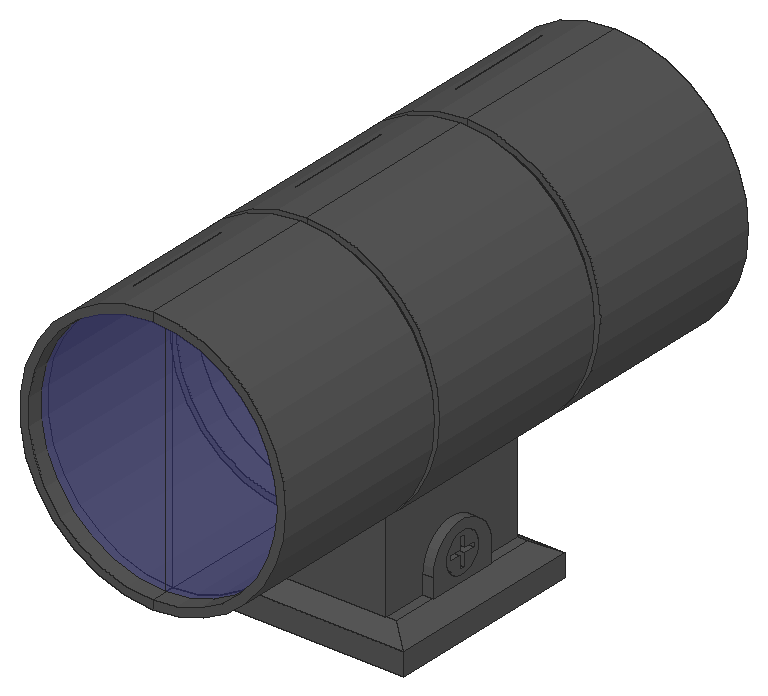
Revit family "CARLO CYLINDER LIGHT WALL MOUNT", category Lighting Fixtures, host Face, Revit 2020 (continued)
Types (10): name | Wattage_Input | Wattage Comments | Wattage | Photometric Web File | built-in parameter 1150142 | Model | built-in parameter 1150105 | Lumens | Light Length 1 | LIGHT RADIUS | LIGHT PLACEMENT | LIGHT LENGTH | LIGHT DIA | built-in parameter 1150106 | FIXED END HEIGHT | Curve base Height | Base Curve | BEAMING ANGLE | Apparent Load
    .3 2002.3 2008.5 \r\n 2013.2 \r\n2008.1 2015.2 2016 2015.5 2013.8 2011.6 2008.1 2003.2 1996 1985.9 \r\n 1973 1957.2 1939.2 1919.7 1898.1 1873.9 1847.1 1817.8 1784.8 1746.3 \r\n 1704.3 1660.3 1614.3 1566.7 1518.1 1469.1 1419.1 1367.5 1314.7 1260.8 \r\n 1206.4 1152.2 1097.4 1041.2 984.26 927.22 870.21 813.24 757.43 703.66 \r\n 652.71 605.38 562.41 525.05 492.53 464.65 440.89 420.86 404.03 389.88 \r\n 378.03 367.85 359.55 353.33 348.53 344.57 341.38 338.83 336.51 334.02 \r\n 331.2 327.59 323.73 320.21 316.42 311.63 306.88 303.13 299.91 297.07 \r\n 294.57 292.38 290.3 288.26 285.77 283.45 277.93 264.38 247.74 232.34 \r\n 215.09 193.65 170.16 145.6 121.07 97.966 76.456 56.623 40.147 29.203 \r\n 22.386 19.833 19.096 17.407 15.867 14.663 13.764 13.286 12.968 12.55 \r\n 12.145 11.783 11.444 11.124 10.8 10.441 10.069 9.6952 9.3212 8.9504 \r\n 8.5924 8.2621 7.9462 7.6422 7.3323 6.9849 6.6382 6.3311 6.0302 5.7106 \r\n 5.3868 5.0627 4.7453 4.4443 4.1555 3.8766 3.6117 3.3697 3.1347 2.8836 \r\n 2.6463 2.4575 2.2802 2.0772 1.8841 1.7348 1.5974 1.446 1.2975 1.1593 \r\n 1.0333 0.92606 0.8316 0.7441 0.66978 0.61611 0.57354 0.53452 0.50044 0.47034 \r\n 0.44373 0.41994 0.39857 0.38033 0.36175 0.33754 0.31386 0.29562 0.28128 0.27209 \r\n 0.26464 0.25513 0.24602 0.2389 0.2326 0.22676 0.2206 0.21213 0.20466 0.20937 \r\n 0.2006 0.14237 0.076707 0.037971 0.013198 0.0032018 0.0010175 0 0.000008 0 \r\n 0 0 0 0 0.00010853 0.0034945 0.009721 0.01701 0.032551 0.068861 \r\n 0.10819 0.13473 0.15513 0.16943 0.18165 0.19681 0.21202 0.2257 0.23894 0.25297 \r\n 0.26586 0.27494 0.28366 0.29552 0.30772 0.31752 0.32829 0.34283 0.36008 0.38036 \r\n 0.40239 0.42415 0.44828 0.47917 0.5155 0.55792 0.605 0.65259 0.70954 0.78562 \r\n 0.87374 0.96722 1.0746 1.2069 1.3502 1.4902 1.639 1.8057 1.9838 2.1703 \r\n 2.3632 2.5568 2.759 2.9791 3.2078 3.4338 3.6722 3.9427 4.22 4.4765 \r\n 4.7385 5.0307 5.3308 5.6199 5.9119 6.2151 6.5272 6.8552 7.1801 7.4764 \r\n 7.7704 8.0802 8.4045 8.7531 9.1113 9.4724 9.822 10.128 10.437 10.808 \r\n 11.18 11.484 11.801 12.176 12.637 13.219 13.942 14.827 15.908 17.211 \r\n 18.79 19.76 22.96 31.199 43.693 61.298 81.908 103.67 126.69 150.82 \r\n 174.98 198.3 220 239.14 255.31 267.76 276.62 280.94 283.19 285.71 \r\n 287.97 290.15 292.35 294.66 297.29 300.56 304.17 308.05 311.75 314.52 \r\n 317.14 320.08 323.52 328.25 332.88 335.78 338.52 342.12 346.56 352.02 \r\n 358.84 367.43 377.73 389.52 403.85 421.59 443.07 468.8 499.1 534.55 \r\n 574.92 620.56 670.3 723.05 778.88 837.94 898.94 961.07 1023.1 1083.6 \r\n 1142.5 1199.4 1254.5 1308.4 1360.1 1409 1455.5 1499.9 1542.1 1581.7 \r\n 1619.6 1657.2 1693.3 1727.2 1758.8 1787.8 1814.3 1838.4 1860.8 1882.4 \r\n 1902.3 1920.1 1936.1 1950.7 1963.7 1975.1 1985.3 1994.4 2002.2 2008.4 \r\n 2013.2 \r\n2008.1 2015.4 2016.3 2015.8 2014.3 2012.2 2008.9 2004.2 1997.4 1987.6 \r\n 1975 1959.2 1941.1 1921.7 1900.2 1876.1 1849.3 1819.9 1786.8 1748.4 \r\n 1706.6 1662.1 1615.8 1568.7 1520.8 1472.6 1423.4 1372.6 1320.4 1266.5 \r\n 1211.9 1157.6 1102.8 1046.4 989.35 932.29 875.21 817.93 761.66 707.23 \r\n 655.6 607.82 564.47 526.66 493.75 465.66 441.81 421.76 404.95 390.79 \r\n 378.91 368.67 360.29 354.04 349.18 345.09 341.75 339.11 336.66 333.86 \r\n 330.77 327.12 323.29 319.76 316.01 311.37 306.81 303.22 300.12 297.28 \r\n 294.74 292.53 290.44 288.47 286.06 283.84 278.28 264.23 247.26 232.5 \r\n 216.07 195.03 171.66 146.75 121.84 98.781 77.379 57.451 40.771 29.451 \r\n 22.3 19.72 19.053 17.399 15.884 14.666 13.747 13.275 12.968 12.557 \r\n 12.156 11.797 11.459 11.135 10.808 10.451 10.084 9.7178 9.3501 8.9763 \r\n 8.6131 8.2813 7.9637 7.6557 7.3413 6.9899 6.6405 6.3339 6.0346 5.7166 \r\n 5.3928 5.0633 4.7398 4.4366 4.1469 3.8676 3.6023 3.3586 3.1224 2.8732 \r\n 2.6384 2.45 2.2731 2.0724 1.8812 1.7311 1.5924 1.4409 1.292 1.152 \r\n 1.024 0.91547 0.81996 0.73141 0.65637 0.60266 0.56042 0.52217 0.48843 0.45875 \r\n 0.43256 0.40932 0.38853 0.37067 0.35231 0.32808 0.30436 0.28627 0.27228 0.26364 \r\n 0.25711 0.24952 0.24193 0.23434 0.22676 0.21917 0.21158 0.20339 0.19641 0.20019 \r\n 0.19095 0.13487 0.071526 0.032763 0.0079364 0 0 0 0 0 \r\n 0 0 0 0 0.00013805 0.0044716 0.012357 0.023111 0.040909 0.075035 \r\n 0.10948 0.12735 0.14055 0.15608 0.17162 0.18715 0.20269 0.21822 0.23376 0.24998 \r\n 0.26483 0.27509 0.28497 0.29873 0.313 0.32481 0.33715 0.35201 0.36937 0.39067 \r\n 0.41349 0.43462 0.45789 0.48913 0.52636 0.5703 0.61875 0.66652 0.72334 0.7997 \r\n 0.88814 0.98203 1.0894 1.2206 1.3623 1.5009 1.6476 1.81 1.985 2.1744 \r\n 2.37 2.5586 2.7558 2.9774 3.2091 3.4364 3.6753 3.944 4.2204 4.4828 \r\n 4.7488 5.032 5.3224 5.6132 5.9081 6.2063 6.5143 6.8478 7.1792 7.4763 \r\n 7.7692 8.0774 8.3996 8.7452 9.1016 9.4647 9.8183 10.132 10.445 10.803 \r\n 11.157 11.452 11.759 12.125 12.578 13.159 13.876 14.735 15.796 17.108 \r\n 18.703 19.672 22.88 31.198 43.713 61.125 81.466 102.86 125.72 150.55 \r\n 175.32 197.95 219.06 239.22 256.43 268.39 276.51 280.77 283.14 285.71 \r\n 288 290.2 292.39 294.65 297.19 300.34 303.82 307.63 311.32 314.13 \r\n 316.84 319.95 323.57 328.46 333.24 336.22 339.04 342.75 347.31 352.88 \r\n 359.82 368.54 378.96 390.75 405.05 422.78 444.22 469.82 499.97 535.32 \r\n 575.53 620.86 670.27 722.82 778.51 837.48 898.36 960.15 1021.8 1082.1 \r\n 1140.8 1197.4 1252.3 1306 1357.7 1406.4 1452.9 1497.6 1540.1 1579.9 \r\n 1618 1655.6 1691.8 1726.1 1758.2 1787.5 1814.3 1838.3 1860.6 1882.3 \r\n 1902.4 1920.1 1936 1950.7 1963.9 1975.5 1985.6 1994.6 2002.2 2008.4 \r\n 2013.2 \r\n2008.1 2015.4 2016.3 2015.8 2014.3 2012.4 2009.2 2004.2 1997 1987 \r\n 1974.2 1958.3 1940.1 1920.7 1899.1 1874.8 1847.6 1817.6 1784.1 1745.9 \r\n 1704.3 1659.9 1613.7 1566.9 1519.4 1471.5 1422.7 1372.2 1320.3 1266.7 \r\n 1212.3 1158.1 1103.1 1046.5 989.17 931.97 874.78 817.36 760.97 706.49 \r\n 654.84 607.04 563.74 526.18 493.59 465.81 442.19 422.21 405.37 391.13 \r\n 379.15 368.88 360.48 354.12 349.16 345.06 341.68 338.8 336.09 333.11 \r\n 329.95 326.41 322.78 319.43 315.86 311.36 306.9 303.33 300.21 297.38 \r\n 294.86 292.66 290.57 288.57 286.11 283.72 278.15 264.74 248.19 232.56 \r\n 215.06 193.61 170.19 145.7 121.26 98.238 76.74 56.704 39.996 28.957 \r\n 22.106 19.552 18.856 17.263 15.821 14.661 13.778 13.289 12.954 12.541 \r\n 12.144 11.79 11.455 11.127 10.796 10.446 10.087 9.7218 9.3535 8.9803 \r\n 8.6182 8.2896 7.974 7.6616 7.3422 6.9907 6.6425 6.3368 6.0375 5.7158 \r\n 5.3898 5.0675 4.7511 4.4441 4.1502 3.8766 3.6166 3.3672 3.1247 2.8776 \r\n 2.6457 2.4552 2.2754 2.0738 1.8822 1.7316 1.5917 1.4363 1.2849 1.1486 \r\n 1.0253 0.91741 0.8226 0.73879 0.66785 0.61306 0.56804 0.52705 0.49141 0.46085 \r\n 0.43438 0.41117 0.39051 0.37308 0.35546 0.33261 0.31005 0.29205 0.27734 0.26677 \r\n 0.25823 0.24971 0.24178 0.23435 0.22735 0.22086 0.21432 0.2065 0.19938 0.2023 \r\n 0.19199 0.13467 0.071199 0.036251 0.01458 0.0037512 0 0 0 0 \r\n 0 0 0 0 0.00011013 0.0035731 0.0098588 0.016786 0.032547 0.072239 \r\n 0.11296 0.13159 0.14391 0.15907 0.17391 0.1881 0.20225 0.21701 0.23187 0.24703 \r\n 0.26092 0.27081 0.28032 0.29303 0.30624 0.31743 0.32961 0.3452 0.36342 0.38501 \r\n 0.40793 0.42925 0.45253 0.48285 0.51884 0.56152 0.60877 0.65557 0.71173 0.78779 \r\n 0.87646 0.9717 1.0802 1.2104 1.3514 1.4923 1.6419 1.8062 1.9821 2.1709 \r\n 2.3657 2.5557 2.7543 2.9754 3.2062 3.433 3.6718 3.9419 4.2201 4.4842 \r\n 4.752 5.0373 5.3294 5.6205 5.9156 6.2164 6.5259 6.8552 7.1819 7.4781 \r\n 7.7719 8.0835 8.4085 8.752 9.1054 9.4677 9.821 10.134 10.446 10.795 \r\n 11.144 11.446 11.762 12.126 12.577 13.168 13.898 14.76 15.828 17.156 \r\n 18.799 19.851 23.247 32.032 44.967 62.331 82.619 104.44 127.75 152.79 \r\n 177.25 198.3 217.72 237.06 254.15 267.27 276.67 281.05 283.25 285.89 \r\n 288.25 290.43 292.59 294.82 297.35 300.54 304.04 307.73 311.3 314.24 \r\n 317.11 320.3 323.88 328.41 332.88 336.1 339.27 343.17 347.86 353.47 \r\n 360.52 369.69 380.63 392.82 407.5 425.78 447.63 473.14 503.14 538.69 \r\n 579.19 624.69 674.21 726.88 782.53 841.09 901.47 963 1024.4 1083.9 \r\n 1142 1198.7 1253.7 1307.1 1358.3 1406.6 1452.8 1497.4 1540 1579.9 \r\n 1618.2 1655.9 1692.2 1727 1759.6 1789 1815.7 1839.7 1861.9 1883.7 \r\n 1903.8 1921.7 1937.7 1952.2 1965.1 1976.6 1986.6 1995.4 2002.8 2008.7 \r\n 2013.2 \r\n2008.1 2015.3 2016.1 2015.6 2014.1 2012.3 2009.1 2003.7 1995.9 1985.5 \r\n 1972.5 1956.5 1938.2 1918.7 1897 1872.4 1844.8 1814.2 1780.2 1742.1 \r\n 1700.8 1656.6 1610.6 1564.1 1516.9 1469.5 1420.9 1370.6 1318.8 1265.7 \r\n 1211.6 1157.5 1102.4 1045.4 987.77 930.38 873.07 815.56 759.14 704.74 \r\n 653.23 605.52 562.39 525.22 493.07 465.7 442.41 422.51 405.65 391.31 \r\n 379.22 368.93 360.51 354.04 348.98 344.9 341.5 338.34 335.33 332.22 \r\n 329.03 325.66 322.25 319.12 315.74 311.38 306.99 303.4 300.24 297.43 \r\n 294.94 292.76 290.67 288.63 286.09 283.5 277.88 265.26 249.2 232.45 \r\n 213.59 191.6 168.1 144.16 120.34 97.354 75.733 55.608 38.929 28.313 \r\n 21.888 19.37 18.62 17.091 15.731 14.646 13.813 13.304 12.935 12.52 \r\n 12.129 11.781 11.449 11.115 10.78 10.438 10.086 9.7212 9.3511 8.9784 \r\n 8.6179 8.2932 7.9801 7.6637 7.3398 6.9888 6.6422 6.3375 6.0381 5.7118 \r\n 5.3836 5.071 4.7641 4.4538 4.1557 3.8885 3.6342 3.3789 3.1296 2.8845 \r\n 2.6555 2.4624 2.2792 2.0763 1.8839 1.7324 1.5911 1.4314 1.2771 1.1454 \r\n 1.0278 0.92081 0.82694 0.74876 0.68267 0.62674 0.5786 0.5348 0.49671 0.46516 \r\n 0.43837 0.41513 0.39449 0.37743 0.36054 0.33927 0.31805 0.3001 0.28446 0.2715 \r\n 0.26043 0.25047 0.24189 0.23483 0.22886 0.22411 0.21912 0.21165 0.20418 0.2061 \r\n 0.19453 0.13558 0.071722 0.040994 0.022771 0.0083262 0 0 0 0 \r\n 0 0 0 0 0.000075 0.0024446 0.0067287 0.0088833 0.022122 0.068599 \r\n 0.11745 0.13888 0.15187 0.16636 0.17966 0.19217 0.20456 0.21789 0.23132 0.24475 \r\n 0.25712 0.26644 0.2754 0.28663 0.29835 0.30863 0.32049 0.33689 0.3561 0.37779 \r\n 0.40069 0.4224 0.44591 0.47506 0.5094 0.5504 0.59613 0.64196 0.69753 0.77324 \r\n 0.86208 0.9587 1.0685 1.198 1.3388 1.4826 1.6358 1.8032 1.981 2.1684 \r\n 2.3618 2.5543 2.7555 2.976 3.2055 3.4314 3.67 3.9417 4.2221 4.4868 \r\n 4.7558 5.0457 5.342 5.6327 5.9272 6.2318 6.5438 6.8677 7.1883 7.4833 \r\n 7.7784 8.0945 8.4233 8.765 9.1154 9.4764 9.8286 10.141 10.45 10.793 \r\n 11.137 11.449 11.777 12.14 12.59 13.189 13.93 14.801 15.885 17.23 \r\n 18.927 20.08 23.696 33.012 46.447 63.841 84.163 106.54 130.34 155.46 \r\n 179.45 198.89 216.56 234.79 251.54 265.99 276.9 281.41 283.4 286.11 \r\n 288.53 290.7 292.82 295.03 297.56 300.83 304.38 307.93 311.39 314.45 \r\n 317.49 320.72 324.21 328.26 332.34 335.81 339.38 343.49 348.32 353.98 \r\n 361.17 370.84 382.38 395.03 410.19 429.11 451.46 476.88 506.74 542.56 \r\n 583.42 629.17 678.89 731.71 787.32 845.41 905.24 966.49 1027.5 1086.2 \r\n 1143.6 1200.5 1255.7 1308.7 1359.4 1407.3 1453.1 1497.6 1540.2 1580.2 \r\n 1618.6 1656.4 1693 1728.3 1761.3 1790.7 1817.3 1841.4 1863.6 1885.4 \r\n 1905.7 1923.6 1939.7 1954 1966.6 1977.9 1987.8 1996.3 2003.4 2009 \r\n 2013.2 \r\n2008.1 2015.2 2015.9 2015.2 2013.6 2011.8 2008.6 2002.5 1994.1 1983.3 \r\n 1970 1953.8 1935.4 1915.9 1894 1869.1 1841.2 1810 1775.5 1737.5 \r\n 1696.6 1652.7 1607 1560.8 1513.9 1466.7 1418.5 1368.2 1316.7 1263.9 \r\n 1210.2 1156.1 1101 1043.6 985.6 928.01 870.59 813.01 756.62 702.4 \r\n 651.12 603.58 560.69 523.97 492.32 465.43 442.49 422.69 405.8 391.37 \r\n 379.19 368.88 360.43 353.87 348.71 344.66 341.23 337.79 334.48 331.25 \r\n 328.08 324.88 321.72 318.81 315.62 311.38 307.06 303.43 300.22 297.44 \r\n 294.99 292.83 290.74 288.65 286.02 283.21 277.55 265.68 250.1 232.15 \r\n 211.87 189.3 165.7 142.36 119.21 96.251 74.505 54.323 37.722 27.6 \r\n 21.665 19.186 18.37 16.902 15.623 14.621 13.847 13.321 12.916 12.5 \r\n 12.117 11.773 11.444 11.104 10.764 10.427 10.084 9.7177 9.3449 8.9723 \r\n 8.6132 8.2924 7.9821 7.6625 7.3349 6.9845 6.6396 6.3358 6.0363 5.7054 \r\n 5.3751 5.0731 4.777 4.464 4.1621 3.9009 3.652 3.3912 3.1356 2.8923 \r\n 2.6658 2.4701 2.2834 2.0791 1.8857 1.733 1.5899 1.426 1.2691 1.1421 \r\n 1.0304 0.92434 0.83146 0.75897 0.69784 0.64087 0.58973 0.54322 0.50279 0.47034 \r\n 0.44326 0.41995 0.39927 0.38248 0.36623 0.34654 0.32666 0.30871 0.29205 0.27658 \r\n 0.26281 0.25121 0.24187 0.23532 0.23067 0.22799 0.22482 0.21764 0.20966 0.21045 \r\n 0.19752 0.13688 0.072574 0.045935 0.03104 0.012951 0.000047 0 0 0 \r\n 0 0 0 0 0.000040 0.0012966 0.0035555 0.00086533 0.011611 0.065081 \r\n 0.12262 0.14828 0.16319 0.17685 0.18808 0.19881 0.20929 0.22068 0.23216 0.24346 \r\n 0.25404 0.26273 0.27114 0.28079 0.29092 0.30028 0.31185 0.3291 0.34929 0.37097 \r\n 0.39374 0.416 0.43991 0.46777 0.50029 0.53953 0.58374 0.62881 0.68398 0.75933 \r\n 0.84827 0.94614 1.0573 1.1864 1.3275 1.4743 1.6313 1.8023 1.9825 2.1682 \r\n 2.3599 2.5554 2.7597 2.9799 3.208 3.4327 3.671 3.9445 4.2269 4.4915 \r\n 4.7612 5.057 5.3589 5.6487 5.9418 6.2505 6.5655 6.8841 7.1986 7.4923 \r\n 7.7886 8.1093 8.4422 8.7828 9.1304 9.4897 9.8401 10.151 10.458 10.795 \r\n 11.137 11.46 11.799 12.163 12.612 13.213 13.961 14.846 15.952 17.316 \r\n 19.068 20.326 24.171 34.024 47.981 65.495 85.936 108.89 133.16 158.23 \r\n 181.66 199.66 215.77 232.79 249.05 264.79 277.16 281.8 283.58 286.34 \r\n 288.82 290.97 293.06 295.26 297.8 301.17 304.79 308.2 311.53 314.72 \r\n 317.89 321.14 324.49 328.02 331.68 335.39 339.37 343.7 348.7 354.43 \r\n 361.78 371.96 384.1 397.25 412.92 432.52 455.4 480.75 510.46 546.57 \r\n 587.79 633.84 683.78 736.75 792.32 849.94 909.18 970.13 1030.8 1088.7 \r\n 1145.5 1202.5 1258 1310.5 1360.6 1408 1453.5 1497.8 1540.3 1580.4 \r\n 1619.1 1657.1 1693.9 1729.7 1763.1 1792.5 1819 1843.1 1865.4 1887.3 \r\n 1907.6 1925.8 1941.9 1955.9 1968.2 1979.3 1989 1997.3 2004.1 2009.4 \r\n 2013.2 \r\n2008.1 2015 2015.5 2014.6 2012.8 2011 2007.6 2000.9 1991.8 1980.4 \r\n 1966.7 1950.4 1932.1 1912.5 1890.5 1865.4 1837.2 1805.4 1770.6 1732.8 \r\n 1692.2 1648.6 1603.2 1557.4 1510.7 1463.8 1415.7 1365.6 1314.2 1261.9 \r\n 1208.6 1154.6 1099.3 1041.6 983.17 925.37 867.84 810.21 753.87 699.86 \r\n 648.87 601.55 558.93 522.65 491.49 465.06 442.48 422.77 405.85 391.36 \r\n 379.1 368.77 360.3 353.65 348.41 344.38 340.92 337.21 333.62 330.3 \r\n 327.16 324.14 321.21 318.5 315.48 311.34 307.06 303.4 300.15 297.41 \r\n 295 292.86 290.77 288.63 285.92 282.9 277.17 265.91 250.68 231.65 \r\n 210.09 186.99 163.3 140.52 117.98 95.051 73.201 53.006 36.524 26.905 \r\n 21.454 19.014 18.129 16.712 15.506 14.588 13.877 13.337 12.902 12.487 \r\n 12.111 11.772 11.446 11.098 10.75 10.418 10.08 9.7129 9.3374 8.9639 \r\n 8.6051 8.2876 7.9801 7.6584 7.3282 6.9783 6.6346 6.3316 6.0321 5.6971 \r\n 5.3652 5.0734 4.7876 4.4731 4.1681 3.9116 3.6668 3.4018 3.1411 2.8992 \r\n 2.6745 2.4765 2.2869 2.0814 1.887 1.7327 1.5875 1.4199 1.2611 1.1384 \r\n 1.0318 0.92666 0.8346 0.7671 0.71034 0.65263 0.59908 0.55039 0.50808 0.475 \r\n 0.44778 0.42439 0.40362 0.38699 0.37123 0.35291 0.33419 0.31619 0.29857 0.28077 \r\n 0.26452 0.25136 0.2413 0.23539 0.23214 0.2316 0.23025 0.22326 0.21466 0.21423 \r\n 0.19992 0.13786 0.073237 0.050013 0.037916 0.01689 0.000248 0 0 0 \r\n 0 0 0 0 0.000010 0.00034039 0.00092674 0 0.0029878 0.062651 \r\n 0.12812 0.15883 0.17663 0.18946 0.19843 0.20746 0.21605 0.22522 0.23442 0.24349 \r\n 0.25229 0.26045 0.26851 0.27677 0.28553 0.29424 0.30573 0.3238 0.34488 0.36646 \r\n 0.38907 0.41195 0.43638 0.46297 0.49375 0.53149 0.57453 0.61924 0.67434 0.74934 \r\n 0.83826 0.93711 1.0494 1.1788 1.3205 1.47 1.6303 1.805 1.9877 2.1717 \r\n 2.3617 2.56 2.7675 2.9876 3.2147 3.4385 3.6762 3.9511 4.2351 4.4988 \r\n 4.7689 5.0711 5.3791 5.6676 5.9585 6.2708 6.5886 6.9031 7.2126 7.5051 \r\n 7.8023 8.127 8.4637 8.8037 9.1493 9.5064 9.8547 10.164 10.469 10.802 \r\n 11.144 11.476 11.826 12.19 12.638 13.233 13.981 14.883 16.016 17.398 \r\n 19.202 20.561 24.618 34.951 49.402 67.131 87.773 111.24 135.88 160.78 \r\n 183.64 200.57 215.49 231.43 247.16 263.88 277.44 282.17 283.77 286.57 \r\n 289.1 291.23 293.29 295.48 298.05 301.52 305.21 308.5 311.71 314.98 \r\n 318.25 321.48 324.68 327.7 330.95 334.88 339.25 343.81 349 354.85 \r\n 362.39 373.04 385.74 399.36 415.52 435.76 459.13 484.42 514 550.35 \r\n 591.9 638.21 688.36 741.44 796.95 854.12 912.84 973.44 1033.7 1090.9 \r\n 1147.1 1204.3 1260 1312.1 1361.6 1408.7 1453.8 1497.8 1540.2 1580.5 \r\n 1619.4 1657.6 1694.7 1730.8 1764.6 1794 1820.5 1844.7 1867.2 1889.1 \r\n 1909.6 1927.9 1944.1 1957.8 1969.8 1980.7 1990.1 1998.2 2004.7 2009.7 \r\n 2013.2 \r\n2008.1 2014.8 2015.1 2013.8 2011.6 2009.5 2005.7 1998.5 1988.8 1977 \r\n 1963 1946.8 1928.6 1909.1 1887.1 186
